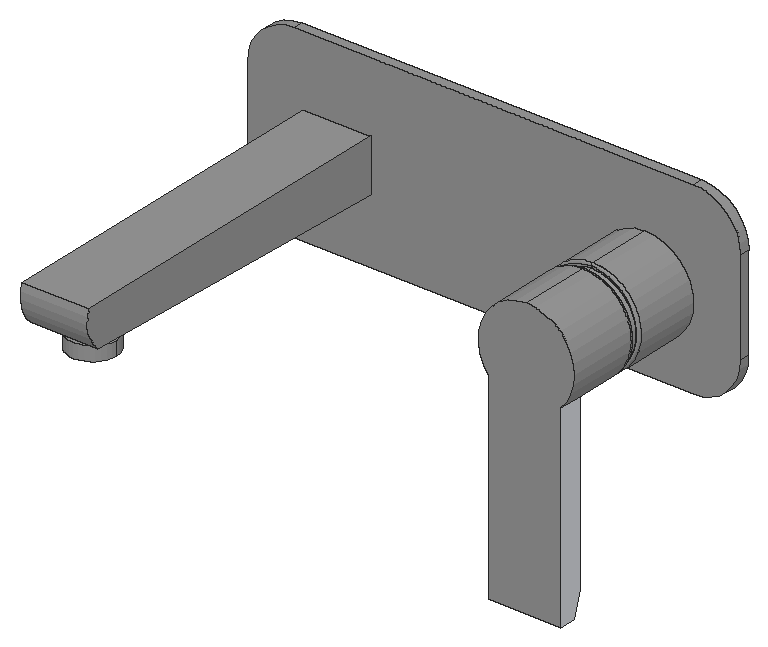
Revit family "LAV MURO KEOPS", category Plumbing Fixtures, Revit 2019
Family settings
  Round Connector Dimension = Use Diameter
  Part Type = Normal
  OmniClass Number = 23.45.00.00
  OmniClass Title = Sanitary, Laundry, and Cleaning Equipment
  Work Plane-Based = No
  Always vertical = Yes
  Cut with Voids When Loaded = No
  Shared = No
  Room Calculation Point = No
Reference planes
  plane 1 "Center (Front/Back)": y = 0
  plane 2: z = 0
  plane 3 "Center (Left/Right)": x = 0
Forms (mm)
  Extrusion 1, solid
    sketch origin (0, 0, 0) x (1, 0, 0) y (0, 0, 1)
      loop
        arc (25.858, 85.858) -> (11.716, 80) -> (5.858, 65.858) r 20
        line (5.858, 65.858) -> (5.858, 25.858)
        arc (5.858, 25.858) -> (11.716, 11.716) -> (25.858, 5.858) r 20
        line (25.858, 5.858) -> (195.858, 5.858)
        arc (195.858, 5.858) -> (210, 11.716) -> (215.858, 25.858) r 20
        line (215.858, 25.858) -> (215.858, 65.858)
        arc (215.858, 65.858) -> (210, 80) -> (195.858, 85.858) r 20
        line (195.858, 85.858) -> (25.858, 85.858)
    from 0 to 3.851
  Extrusion 2, solid
    sketch origin (0, 0, 0) x (0, 1, 0) y (0, 0, 1)
      loop
        line (-3.851, 55.858) -> (-153.851, 55.858)
        arc (-153.851, 55.858) -> (-154.027, 46.418) -> (-148.763, 38.58) r 15.718
        line (-148.763, 38.58) -> (-3.851, 33.519) -> (-3.851, 55.858)
    from 29.685 to 58.155
  Extrusion 3, solid
    sketch origin (0, 0, 0) x (0, 1, 0) y (0, 0, 1)
      loop
        line (-66.851, 40.358) -> (-66.851, -57.642) -> (-59.851, -57.642) -> (-56.851, -47.642) -> (-56.851, 40.358) -> (-66.851, 40.358)
    from 158.955 to 189.537
  Revolve 4, solid
    sketch origin (175, 0, 0) x (0, 1, 0) y (0, 0, 1)
      loop
        line (-3.851, 60.858) -> (-31.404, 60.858)
        arc (-31.404, 60.858) -> (-32.084, 60.576) -> (-32.366, 59.896) r 0.962
        line (-32.366, 59.896) -> (-32.366, 59.08)
        arc (-32.366, 59.08) -> (-34.032, 58.482) -> (-35.351, 57.302) r 4.629
        line (-35.351, 57.302) -> (-35.351, 59.421)
        arc (-35.351, 59.421) -> (-35.772, 60.437) -> (-36.788, 60.858) r 1.437
        line (-36.788, 60.858) -> (-66.851, 60.858) -> (-66.851, 40.358) -> (-3.851, 40.358) -> (-3.851, 60.858)
      axis (-3.851, 40.358) -> (-66.851, 40.358)
    angle from 0 to 360
  Extrusion 5, solid
    sketch origin (0, 0, 0) x (1, 0, 0) y (0, 1, 0)
      loop
        circle (43.92, -133.763) r 10
    from 27.541 to 33.519
Cuts and joins
  joined: Extrusion 3, Revolve 4
Dimensions and locks
  aligned and locked: level to plane 2
